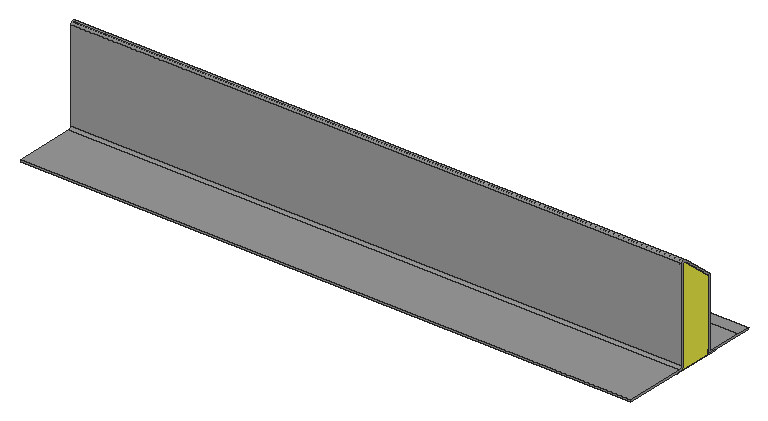
Revit family "SK 70 WIL", category Generic Models, Revit 2014
Parameters (values of type "Max lintel length 4200mm")
  URL = "http://www.keystonelintels.co.uk"
  Structural Opening [instance] = 900 mm
  Structural Performance = "The Keystone lintel range has safe working loads as detailed in each applicable loading table in the Keystone Lintel Guide brochure. The structural performance figures within each table have been ascertained by testing in accordance with the requirements of standards BS EN 5977-2: 1983 and BS EN 845-2: 2003."
  RIBA Productor Selector = "available for Keystone Lintels Ltd from Keystone Lintels Ltd from ribaproductselector.com"
  Model = "S/K 70 WIL"
  Min Length = 600 mm
  Min Clear Span = 300 mm
  Max Length = 4200 mm
  Max Clear Span = 4200 mm
  Material - Stainless Steel = "Grade 304 2b 1.4307 to BS EN 10088-2. Other grades available on request: contact manufacturer."
  Material - Galvanised Steel = "To BS EN 10346: 2009. DX51D plus Z600 or grade Z275 to BS 5977-2: 1983 (BS EN 845-2: 2003)."
  Manufacturer = "Keystone"
  Manufactured Length [instance] = (roundup(Effective Length / 150 mm) * 150 mm)  # 1200 mm
  Lintel height [instance] = 2100 mm
  Keynote = "F30/755"
  Fire Performance = "Keystone lintels have been subjected to a fire test (WARRES No. 101263) in accordance with BS 476-20: 1987, at Exova Warrington Fire and achieved a one hour fire performance."
  End Bearing = 150 mm
  Effective Length [instance] = Clear Opening with MIN MAX set + End Bearing * 2  # 1200 mm
  Corrosion = "Keystone’s standard range of lintels are manufactured from high quality grade pre-galvanized carbon steel with a zinc coating of 600"
  Contact Tel = "+44 (0)28 8676 2184"
  Contact Email = "info@keystonelintels.co.uk"
  Clear Opening with MIN MAX set [instance] = if(Structural Opening < Min Clear Span, Min Clear Span, (if(Structural Opening > Max Clear Span, Max Clear Span, Structural Opening)))  # 900 mm
  CPD Information = "Available for Keystone Lintels Ltd from ribacpd.com"
Reference planes
  plane 1 "Center (Front/Back)": y = 0
  plane 2: z = 0
  plane 3 "Center (Left/Right)": x = 0
  plane 4: x = -600
  plane 5: x = 600
  plane 6: z = 2100
  plane 7: x = -450
  plane 8: x = 450
Forms (mm)
  Extrusion 1, solid, material "Steel"
    sketch origin (0, 700.702, -514.786) x (0, 1, 0) y (0, 0, 1)
      loop
        line (-572.986, 2617.126) -> (-597.986, 2617.986) -> (-662.986, 2617.986)
        arc (-662.986, 2617.986) -> (-666.522, 2619.45) -> (-667.986, 2622.986) r 5
        line (-667.986, 2622.986) -> (-667.986, 2753.229)
        arc (-667.986, 2753.229) -> (-668.474, 2755.428) -> (-669.846, 2757.214) r 5.2
        line (-669.846, 2757.214) -> (-727.446, 2805.482)
        arc (-727.446, 2805.482) -> (-732.985, 2806.209) -> (-735.986, 2801.496) r 5.2
        line (-735.986, 2801.496) -> (-735.986, 2622.986)
        arc (-735.986, 2622.986) -> (-737.451, 2619.45) -> (-740.986, 2617.986) r 5
        line (-740.986, 2617.986) -> (-860.986, 2617.986) -> (-860.986, 2614.786) -> (-740.986, 2614.786)
        arc (-740.986, 2614.786) -> (-735.188, 2617.187) -> (-732.786, 2622.986) r 8.2
        line (-732.786, 2622.986) -> (-732.786, 2801.496)
        arc (-732.786, 2801.496) -> (-731.632, 2803.309) -> (-729.502, 2803.029) r 2
        line (-729.502, 2803.029) -> (-671.902, 2754.762)
        arc (-671.902, 2754.762) -> (-671.374, 2754.075) -> (-671.186, 2753.229) r 2
        line (-671.186, 2753.229) -> (-671.186, 2622.986)
        arc (-671.186, 2622.986) -> (-668.784, 2617.187) -> (-662.986, 2614.786) r 8.2
        line (-662.986, 2614.786) -> (-598.041, 2614.786) -> (-573.096, 2613.928) -> (-572.986, 2617.126)
    from -600 to 600
  Extrusion 2, solid, material "Insulation"
    sketch origin (0, 700.702, -514.786) x (0, 1, 0) y (0, 0, 1)
      loop
        line (-671.186, 2622.986) -> (-671.186, 2753.229)
        arc (-671.186, 2753.229) -> (-671.374, 2754.075) -> (-671.902, 2754.762) r 2
        line (-671.902, 2754.762) -> (-729.502, 2803.029)
        arc (-729.502, 2803.029) -> (-731.632, 2803.309) -> (-732.786, 2801.496) r 2
        line (-732.786, 2801.496) -> (-732.786, 2622.986)
        arc (-732.786, 2622.986) -> (-735.188, 2617.187) -> (-740.986, 2614.786) r 8.2
        line (-740.986, 2614.786) -> (-672.486, 2614.786) -> (-672.486, 2622.786) -> (-671.486, 2622.786) -> (-671.486, 2614.786) -> (-662.986, 2614.786)
        arc (-662.986, 2614.786) -> (-668.784, 2617.187) -> (-671.186, 2622.986) r 8.2
    from -600 to 600
  Extrusion 3, solid, material "Steel"
    sketch origin (0, 700.702, -514.786) x (0, 1, 0) y (0, 0, 1)
      loop
        line (-654.486, 2614.786) -> (-671.486, 2614.786) -> (-671.486, 2622.786) -> (-672.486, 2622.786) -> (-672.486, 2614.786) -> (-749.486, 2614.786) -> (-749.486, 2613.786) -> (-654.486, 2613.786) -> (-654.486, 2614.786)
    from -600 to 600
  Extrusion 4, solid, not visible
    sketch origin (0, 947.626, 1227.682) x (0, 1, 0) y (0, 0, 1)
      loop
        line (-572.986, 1017.126) -> (-597.986, 1017.986) -> (-662.986, 1017.986)
        arc (-662.986, 1017.986) -> (-666.522, 1019.45) -> (-667.986, 1022.986) r 5
        line (-667.986, 1022.986) -> (-667.986, 1153.229)
        arc (-667.986, 1153.229) -> (-668.474, 1155.428) -> (-669.846, 1157.214) r 5.2
        line (-669.846, 1157.214) -> (-727.446, 1205.482)
        arc (-727.446, 1205.482) -> (-732.985, 1206.209) -> (-735.986, 1201.496) r 5.2
        line (-735.986, 1201.496) -> (-735.986, 1022.986)
        arc (-735.986, 1022.986) -> (-737.451, 1019.45) -> (-740.986, 1017.986) r 5
        line (-740.986, 1017.986) -> (-860.986, 1017.986) -> (-860.986, 1014.786) -> (-740.986, 1014.786)
        arc (-740.986, 1014.786) -> (-735.188, 1017.187) -> (-732.786, 1022.986) r 8.2
        line (-732.786, 1022.986) -> (-732.786, 1201.496)
        arc (-732.786, 1201.496) -> (-731.632, 1203.309) -> (-729.502, 1203.029) r 2
        line (-729.502, 1203.029) -> (-671.902, 1154.762)
        arc (-671.902, 1154.762) -> (-671.374, 1154.075) -> (-671.186, 1153.229) r 2
        line (-671.186, 1153.229) -> (-671.186, 1022.986)
        arc (-671.186, 1022.986) -> (-668.784, 1017.187) -> (-662.986, 1014.786) r 8.2
        line (-662.986, 1014.786) -> (-598.041, 1014.786) -> (-573.096, 1013.928) -> (-572.986, 1017.126)
    from 0 to 250
  Extrusion 5, solid, not visible
    sketch origin (0, 519.54, 1205.534) x (0, 1, 0) y (0, 0, 1)
      loop
        line (-671.186, 1022.986) -> (-671.186, 1153.229)
        arc (-671.186, 1153.229) -> (-671.374, 1154.075) -> (-671.902, 1154.762) r 2
        line (-671.902, 1154.762) -> (-729.502, 1203.029)
        arc (-729.502, 1203.029) -> (-731.632, 1203.309) -> (-732.786, 1201.496) r 2
        line (-732.786, 1201.496) -> (-732.786, 1022.986)
        arc (-732.786, 1022.986) -> (-735.188, 1017.187) -> (-740.986, 1014.786) r 8.2
        line (-740.986, 1014.786) -> (-672.486, 1014.786) -> (-672.486, 1022.786) -> (-671.486, 1022.786) -> (-671.486, 1014.786) -> (-662.986, 1014.786)
        arc (-662.986, 1014.786) -> (-668.784, 1017.187) -> (-671.186, 1022.986) r 8.2
    from 0 to 250
  Extrusion 6, solid, not visible
    sketch origin (0, 503.189, 972.566) x (0, 1, 0) y (0, 0, 1)
      loop
        line (-654.486, 1014.786) -> (-671.486, 1014.786) -> (-671.486, 1022.786) -> (-672.486, 1022.786) -> (-672.486, 1014.786) -> (-749.486, 1014.786) -> (-749.486, 1013.786) -> (-654.486, 1013.786) -> (-654.486, 1014.786)
    from 0 to 250
Dimensions and locks
  equal spacing: plane 4, plane 3 "Center (Left/Right)", plane 5
  "Manufactured Length": plane 4 to plane 5
  "Lintel height": plane 6 to level
  "Structural Opening": plane 7 to plane 8
  equal spacing: plane 7, plane 3 "Center (Left/Right)", plane 8
  aligned and locked: level to plane 2
  aligned and locked: Extrusion 1 to plane 6
  aligned and locked: Extrusion 2 to plane 6
  aligned and locked: plane 6 to Extrusion 3
  aligned and locked: plane 5 to Extrusion 1
  aligned and locked: Extrusion 1 to plane 4
  aligned and locked: plane 5 to Extrusion 3
  aligned and locked: Extrusion 3 to plane 4
  aligned and locked: Extrusion 2 to plane 4
  aligned and locked: plane 5 to Extrusion 2
Automatic sketch dimensions
  Extrusion 1 sketch curve to Extrusion 1 sketch curve = 0.11 mm
  Extrusion 1 sketch curve to Extrusion 1 sketch curve = 25 mm
  Extrusion 1 sketch curve to Extrusion 1 sketch curve = 3.198 mm
  Extrusion 1 sketch curve to Extrusion 1 sketch curve = 0.055 mm
  Extrusion 1 sketch curve to Extrusion 1 sketch curve = 64.945 mm
  Extrusion 1 sketch curve to Extrusion 1 sketch curve = 5 mm  (x2)
  Extrusion 1 sketch curve to Extrusion 1 sketch curve = 0 mm  (x17)
  Extrusion 1 sketch curve to Extrusion 1 sketch curve = 130.243 mm
  Extrusion 1 sketch curve to Extrusion 1 sketch curve = 2 mm
  Extrusion 1 sketch curve to Extrusion 1 sketch curve = 0.715 mm
  Extrusion 1 sketch curve to Extrusion 1 sketch curve = 2.055 mm  (x2)
  Extrusion 1 sketch curve to Extrusion 1 sketch curve = 57.6 mm
  Extrusion 1 sketch curve to Extrusion 1 sketch curve = 48.268 mm
  Extrusion 1 sketch curve to Extrusion 1 sketch curve = 2.453 mm
  Extrusion 1 sketch curve to Extrusion 1 sketch curve = 1.285 mm
  Extrusion 1 sketch curve to Extrusion 1 sketch curve = 1.533 mm
  Extrusion 1 sketch curve to Extrusion 1 sketch curve = 120 mm
  Extrusion 2 sketch curve to Extrusion 2 sketch curve = 2 mm
  Extrusion 2 sketch curve to Extrusion 2 sketch curve = 1.285 mm  (x2)
  Extrusion 2 sketch curve to Extrusion 2 sketch curve = 57.6 mm
  Extrusion 2 sketch curve to Extrusion 2 sketch curve = 60.3 mm
  Extrusion 2 sketch curve to Extrusion 2 sketch curve = 1 mm
  Extrusion 2 sketch curve to Extrusion 2 sketch curve = 0.715 mm
  Extrusion 2 sketch curve to Extrusion 2 sketch curve = 8.2 mm  (x2)
  Extrusion 2 sketch curve to Extrusion 2 sketch curve = 0 mm
  Extrusion 2 sketch curve to Extrusion 2 sketch curve = 0.2 mm
  Extrusion 2 sketch curve to Extrusion 2 sketch curve = 130.243 mm
  Extrusion 2 sketch curve to Extrusion 2 sketch curve = 48.268 mm
  Extrusion 3 sketch curve to Extrusion 3 sketch curve = 17 mm
  Extrusion 3 sketch curve to Extrusion 3 sketch curve = 1 mm  (x2)
  Extrusion 3 sketch curve to Extrusion 3 sketch curve = 78 mm
  Extrusion 3 sketch curve to Extrusion 3 sketch curve = 8 mm
  Extrusion 3 sketch curve to Extrusion 3 sketch curve = 0 mm
  Extrusion 4 sketch curve to Extrusion 4 sketch curve = 0.11 mm
  Extrusion 4 sketch curve to Extrusion 4 sketch curve = 25 mm
  Extrusion 4 sketch curve to Extrusion 4 sketch curve = 3.198 mm
  Extrusion 4 sketch curve to Extrusion 4 sketch curve = 0.055 mm
  Extrusion 4 sketch curve to Extrusion 4 sketch curve = 64.945 mm
  Extrusion 4 sketch curve to Extrusion 4 sketch curve = 5 mm  (x2)
  Extrusion 4 sketch curve to Extrusion 4 sketch curve = 0 mm  (x17)
  Extrusion 4 sketch curve to Extrusion 4 sketch curve = 130.243 mm
  Extrusion 4 sketch curve to Extrusion 4 sketch curve = 2 mm
  Extrusion 4 sketch curve to Extrusion 4 sketch curve = 0.715 mm
  Extrusion 4 sketch curve to Extrusion 4 sketch curve = 2.055 mm  (x2)
  Extrusion 4 sketch curve to Extrusion 4 sketch curve = 57.6 mm
  Extrusion 4 sketch curve to Extrusion 4 sketch curve = 48.268 mm
  Extrusion 4 sketch curve to Extrusion 4 sketch curve = 2.453 mm
  Extrusion 4 sketch curve to Extrusion 4 sketch curve = 1.285 mm
  Extrusion 4 sketch curve to Extrusion 4 sketch curve = 1.533 mm
  Extrusion 4 sketch curve to Extrusion 4 sketch curve = 120 mm
  Extrusion 5 sketch curve to Extrusion 5 sketch curve = 2 mm
  Extrusion 5 sketch curve to Extrusion 5 sketch curve = 1.285 mm  (x2)
  Extrusion 5 sketch curve to Extrusion 5 sketch curve = 57.6 mm
  Extrusion 5 sketch curve to Extrusion 5 sketch curve = 60.3 mm
  Extrusion 5 sketch curve to Extrusion 5 sketch curve = 1 mm
  Extrusion 5 sketch curve to Extrusion 5 sketch curve = 0.715 mm
  Extrusion 5 sketch curve to Extrusion 5 sketch curve = 8.2 mm  (x2)
  Extrusion 5 sketch curve to Extrusion 5 sketch curve = 0 mm
  Extrusion 5 sketch curve to Extrusion 5 sketch curve = 0.2 mm
  Extrusion 5 sketch curve to Extrusion 5 sketch curve = 130.243 mm
  Extrusion 5 sketch curve to Extrusion 5 sketch curve = 48.268 mm
  Extrusion 6 sketch curve to Extrusion 6 sketch curve = 17 mm
  Extrusion 6 sketch curve to Extrusion 6 sketch curve = 1 mm  (x2)
  Extrusion 6 sketch curve to Extrusion 6 sketch curve = 78 mm
  Extrusion 6 sketch curve to Extrusion 6 sketch curve = 8 mm
  Extrusion 6 sketch curve to Extrusion 6 sketch curve = 0 mm
  Extrusion 2 sketch curve to plane 6 = 0 mm
  plane 1 "Center (Front/Back)" to Extrusion 2 sketch curve = 40.285 mm
  Extrusion 1 sketch curve to plane 6 = 0 mm
  plane 1 "Center (Front/Back)" to Extrusion 1 sketch curve = 160.285 mm
  Extrusion 3 sketch curve to plane 6 = 0 mm
  plane 1 "Center (Front/Back)" to Extrusion 3 sketch curve = 48.785 mm
